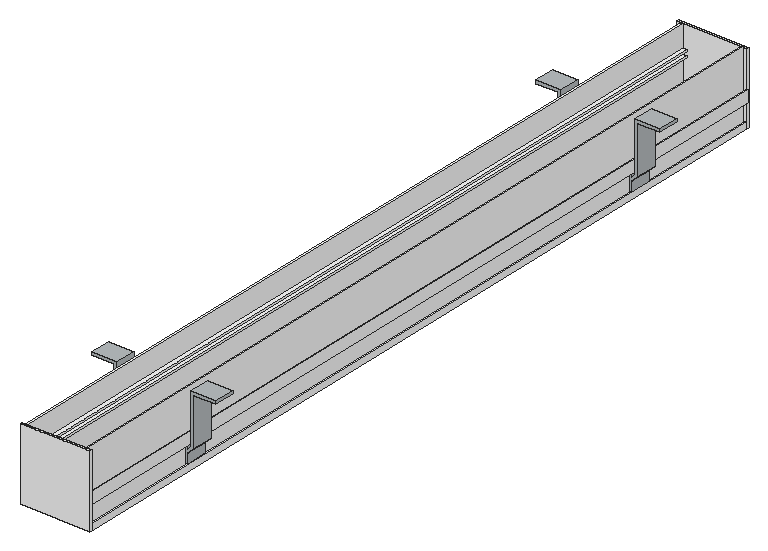
Revit family "NLRS_57_AIR_UN_linear-ceiling-grill-srxrxOx_supply_LT_sacs", category Air Terminals, Revit 2021
Family settings
  Round Connector Dimension = Use Diameter
  Part Type = Normal
  Work Plane-Based = No
  Always vertical = Yes
  Cut with Voids When Loaded = No
  Shared = No
  Room Calculation Point = No
Parameters (values of type "1 slot")
  URL = "https://solid-air.nl/producten/solid-air-plafondroosters-star-stbr/"
  Type Comments = "Grill without plenum"  # constant formula
  Swap_Endcap [instance] = no
  Slots (1-2) [instance] = SACS_Base_Index * SACS_Dummy  # 1
  SACS_Type_Mark [instance] = ""
  SACS_Standard_RAL [instance] = [Color option (0-4)] < 3  # yes
  SACS_Show_Symbol [instance] = yes
  SACS_Option_6 [instance] = if(SACS_Standard_RAL, SACS_Color, if(SACS_Non_Standard_RAL, "Custom RAL color", "Custom not RAL color"))  # "RAL9010-55"
  SACS_Option_5 [instance] = if([Slots (1-2)] < 2, "Single slot", "2 slots")  # "Single slot"
  SACS_Option_4 [instance] = if([Endcaps (0-2)] < 1, "A = None", if([Endcaps (0-2)] = 1, "B = One endcap", "D = Two endcaps"))  # "D = Two endcaps"
  SACS_Option_3_Value [instance] = if(SACS_Index3 = 3 mm, 4, if(SACS_Index3 = 0 mm, 1, 5))  # 1
  SACS_Option_3 [instance] = "O = No plenum"  # constant formula
  SACS_Option_2 [instance] = if([Endcaps (0-2)] < 1, "A = None", if([Endcaps (0-2)] = 1, "B = One endcap", "D = Two endcaps"))  # "D = Two endcaps"
  SACS_Option_1 [instance] = "SROR"  # constant formula
  SACS_Non_Standard_RAL [instance] = [Color option (0-4)] = 3  # no
  SACS_Model [instance] = if(SACS_Existing_Product, size_lookup(SACS_Data_Hidden, "Model", "NB", NLRS_C_lengte, SACS_Index1, SACS_Index2, SACS_Index3), size_lookup(SACS_Data_Hidden, "Model", "NB", 0 mm, SACS_Index1, SACS_Index2, SACS_Index3))  # "SRORDOA 600-1"
  SACS_Index3 [instance] = if([Brackets (0-2)] < 1, 4, if([Brackets (0-2)] = 1, 0, 3)) * 1 mm  # 0 mm
  SACS_Index2 [instance] = if([Endcaps (0-2)] < 1, 0, if([Endcaps (0-2)] > 1, 3, 1)) * 1 mm  # 3 mm
  SACS_Index1 [instance] = if([Slots (1-2)] < 2, 1 mm, 2 mm)  # 1 mm
  SACS_Face_Color [instance] = NLRS_57_ral 9010-55_gen_sacs
  SACS_Existing_Product [instance] = yes
  SACS_Dummy = 1  # constant formula
  SACS_Data_Hidden = "SRORxOx"  # constant formula
  SACS_Custom_Color [instance] = ""
  SACS_Color [instance] = if([Color option (0-4)] < 1, "RAL9010-55", if([Color option (0-4)] = 1, "RAL9016-30", if([Color option (0-4)] = 2, "RAL9016-70", SACS_Custom_Color)))  # "RAL9010-55"
  SACS_Base_Index = 1
  SACS_Article_Code [instance] = if(SACS_Standard_RAL, size_lookup(SACS_Data_Hidden, SACS_Color, "NB", NLRS_C_lengte, SACS_Index1, SACS_Index2, SACS_Index3), "NB")  # "NB"
  SA-Select [instance] = "https://selectietool.solid-air.nl/Dashboard/CPMDashPage/Show/7"
  NLRS_C_model [instance] = SACS_Model  # "SRORDOA 600-1"
  NLRS_C_materiaal_kleur [instance] = SACS_Color  # "RAL9010-55"
  NLRS_C_lengte [instance] = 600 mm
  NLRS_C_gtin_code [instance] = if([Color option (0-4)] = 0, size_lookup(SACS_Data_Hidden, "GTIN9010-55", "NB", NLRS_C_lengte, SACS_Index1, SACS_Index2, SACS_Index3), "NB")  # "NB"
  NLRS_C_description = Description  # "Solid Air Lineair Grill"
  NLRS_C_content_versie = "2.21.01"  # constant formula
  NLRS_C_content_provider = "Solid Air Climate Solutions"  # constant formula
  NLRS_C_content_datum_gewijzigd = "11-03-2024"  # constant formula
  NLRS_C_content_creator = "J.Feeke"  # constant formula
  NLRS_C_breedte [instance] = (52 mm + (SACS_Base_Index - 1) * 43.3 mm) * SACS_Dummy  # 52 mm
  Model = "STxR linear grill, no plenum"  # constant formula
  Min Flow = 0.0 L/s
  Max Flow = 0.0 L/s
  Manufacturer = "Solid Air Climate Solutions"  # constant formula
  Endcaps (0-2) [instance] = 2
  Description = "Solid Air Lineair Grill"  # constant formula
  Default Elevation = 2700 mm
  Color option (0-4) [instance] = 0
  Brackets (0-2) [instance] = 1
  Assembly Code = "57.00"
Types (3, lengths in mm): name | Slots (1-2) | SACS_Option_5 | SACS_Model | SACS_Index1 | SACS_Base_Index | NLRS_C_model | NLRS_C_breedte
  (no name) | 1 | "Single slot" | "SRORDOA 600-1" | 1 | 1 | "SRORDOA 600-1" | 52
  1 slot | 1 | "Single slot" | "SRORDOA 600-1" | 1 | 1 | "SRORDOA 600-1" | 52
  2-slot | 2 | "2 slots" | "SRORDOA 600-2" | 2 | 2 | "SRORDOA 600-2" | 95.3
Reference planes
  plane 1 "Center (Front/Back)": y = 0
  plane 2: z = 0
  plane 3 "Center (Left/Right)": x = 0
  plane 4: y = 300
  plane 5: y = -300
  plane 6: x = -26
  plane 7: x = 26
Lines and regions (mm)
  model lines, visible <- "SACS_Show_Symbol", detail levels coarse
    curve 1: line (-26, 300, 0) -> (26, 300, 0)
    curve 2: line (-26, -300, 0) -> (-26, 300, 0)
    curve 3: line (26, -300, 0) -> (-26, -300, 0)
    curve 4: line (26, 300, 0) -> (26, -300, 0)
    curve 5: line (-26, 300, 0) -> (26, -300, 0)
Dimensions and locks
  equal spacing: plane 5, plane 1 "Center (Front/Back)", plane 4
  "NLRS_C_lengte": plane 5 to plane 4
  equal spacing: plane 6, plane 3 "Center (Left/Right)", plane 7
  "NLRS_C_breedte": plane 6 to plane 7
  locked: plane 6 to nested 2 at 10.625
  locked: nested 2 to plane 4 at 16.25
  aligned and locked: level to plane 2
  aligned and locked: curve 2 to plane 6
  aligned and locked: plane 4 to curve 1
  aligned and locked: curve 3 to plane 5
  aligned and locked: plane 7 to curve 4
Nested families
  nested 1: "SxRxxx" at (0, 0, 0), type "SxRxxx", detail levels medium+fine
    with SACS_Array_End 400 mm, SACS_Array_Count 2, SACS_Array_Base 100 mm, Slots (1-4) 1, Single_Slot no, SACS_Width2 43.3 mm, Endplate_Front yes, Endplate_Back yes, Endcaps (0-3) 2, Default Elevation 2700 mm
  nested 2: "logo_SACS" at (-15.375, 283.75, 1.5) x (0, 1, 0) z (0, 0, 1), type "logo_SACS"
    with t 4 mm
Definition of nested family "SxRxxx"
  Parameters (values of type "SxRxxx")
    dummy = 1  # constant formula
    Swap_Endcap = no
    Slots (1-4) = 2
    Single_Slot = [Slots (1-4)] = 2  # yes
    Safe_count = if([Slots (1-4)] < 3, 2, [Slots (1-4)] - 1)  # 2
    SACS_Width2 = (if([Slots (1-4)] < 2, 1, [Slots (1-4)])) * 43.3 mm  # 86.6 mm
    SACS_Real_Length = (L - 10 mm) * dummy  # 590 mm
    SACS_Array_End [instance] = SACS_Array_Base * SACS_Array_Count * 2  # 400 mm
    SACS_Array_Count [instance] = if(L > 600 mm, if(L - (rounddown(L / 600 mm) * 600 mm) = 0 mm, rounddown(L / 600 mm), rounddown(L / 600 mm) + 1), 2)  # 2
    SACS_Array_Base [instance] = L / (SACS_Array_Count + 1) / 2  # 100 mm
    Multiple_slot = [Slots (1-4)] > 2  # no
    Material = none
    L = 600 mm
    Flat_Front = or(Endplate_Front, [Endcaps (0-3)] = 3)  # yes
    Flat_Back = or(Endplate_Back, [Endcaps (0-3)] = 3)  # yes
    Endplate_Front = or(and([Endcaps (0-3)] > 1, [Endcaps (0-3)] < 3), and([Endcaps (0-3)] = 1, not(Swap_Endcap)))  # no
    Endplate_Back = or(and([Endcaps (0-3)] > 1, [Endcaps (0-3)] < 3), and([Endcaps (0-3)] = 1, Swap_Endcap))  # no
    Endcaps (0-3) = 3
    Description = "ST grill with brackets"  # constant formula
    Default Elevation = 0 mm
    D = 125 mm
    Ceiling = 5 mm
    Brackets (0-4) = 1
  Reference planes
    plane 1 "Center (Front/Back)": y = 0
    plane 2: z = 0
    plane 3 "Center (Left/Right)": x = 0
    plane 4: y = 295
    plane 5: y = -295
    plane 6: y = 296.5
    plane 7: y = -296.5
    plane 8: x = -43.3
    plane 9: x = 43.3
    plane 10: x = 0
    plane 11: x = 43.3
    plane 12: y = 300
    plane 13: y = -300
    plane 14: y = -200
    plane 15: y = 200
    plane 16: x = -46.85
    plane 17: x = 46.85
    plane 18: z = 52
  Forms (mm)
    Sweep 1, solid, material <- "Material", detail levels medium+fine
      path in 3D
        loop
          line (0, 295, 0) -> (0, -295, 0)
      profile "outerprofile : outerprofile" origin (0, 0, 0) x (1, 0, 0) y (0, 0, 1)
        loop
          line (45.85, 4.5) -> (45.85, 1.5) -> (44.05, 1.5) -> (44.05, 20.6) -> (46.6, 20.6) -> (46.6, 17.6) -> (47.6, 17.6) -> (47.6, 25.6) -> (46.6, 25.6) -> (46.6, 22.1) -> (44.05, 22.1) -> (44.05, 52) -> (42.55, 52) -> (42.55, 36.55) -> (39.3, 36.55) -> (39.3, 35.05) -> (42.55, 35.05) -> (42.55, 32.55) -> (39.3, 32.55) -> (39.3, 31.05) -> (42.55, 31.05) -> (42.55, 1.5) -> (31.25, 1.5) -> (31.25, 0) -> (46.85, 0) -> (46.85, 4.5) -> (45.85, 4.5)
        loop
          line (-45.85, 4.5) -> (-46.85, 4.5) -> (-46.85, 0) -> (-31.25, 0) -> (-31.25, 1.5) -> (-42.55, 1.5) -> (-42.55, 31.05) -> (-39.3, 31.05) -> (-39.3, 32.55) -> (-42.55, 32.55) -> (-42.55, 35.05) -> (-39.3, 35.05) -> (-39.3, 36.55) -> (-42.55, 36.55) -> (-42.55, 52) -> (-44.05, 52) -> (-44.05, 22.1) -> (-46.6, 22.1) -> (-46.6, 25.6) -> (-47.6, 25.6) -> (-47.6, 17.6) -> (-46.6, 17.6) -> (-46.6, 20.6) -> (-44.05, 20.6) -> (-44.05, 1.5) -> (-45.85, 1.5) -> (-45.85, 4.5)
    Extrusion 2, solid, material <- "Material", visible <- "Flat_Front", detail levels medium+fine
      sketch origin (0, 0, 0) x (1, 0, 0) y (0, 0, 1)
        loop
          line (-46.85, 52) -> (-46.85, 0) -> (46.85, 0) -> (46.85, 52) -> (-46.85, 52)
      from 295 to 296.5
    Extrusion 3, solid, material <- "Material", visible <- "Flat_Back", detail levels medium+fine
      sketch origin (0, 0, 0) x (1, 0, 0) y (0, 0, 1)
        loop
          line (-46.85, 52) -> (-46.85, 0) -> (46.85, 0) -> (46.85, 52) -> (-46.85, 52)
      from -296.5 to -295
    Extrusion 4, solid, not visible
      sketch origin (-547.644, -297.937, 0) x (1, 0, 0) y (0, 1, 0)
        loop
          arc (546.644, 298.937) -> (545.644, 297.937) -> (546.644, 296.937) r 1
          line (546.644, 296.937) -> (546.644, 297.937) -> (547.644, 296.937) -> (547.644, 297.937) -> (546.644, 298.937)
      from 0 to 2
    Extrusion 5, solid, not visible
      sketch origin (0, 0, 0) x (1, 0, 0) y (0, 1, 0)
        loop
          arc (1, -1) -> (2, 0) -> (1, 1) r 1
          line (1, 1) -> (1, 0) -> (0, 1) -> (0, 0) -> (1, -1)
      from 0 to 2
  Lines and regions (mm)
    model lines, not visible
      curve 1: line (0, 295, 0) -> (0, -295, 0)
    sketch lines
      curve 2: line (0, 295, 0) -> (0, -295, 0)
  Dimensions and locks
    equal spacing: plane 4, plane 1 "Center (Front/Back)", plane 5
    "SACS_Real_Length": plane 4 to plane 5
    locked: plane 6 to plane 4 at 1.5
    locked: plane 7 to plane 5 at 1.5
    equal spacing: plane 9, plane 3 "Center (Left/Right)", plane 8
    "SACS_Width2": plane 9 to plane 8
    locked: plane 10 to plane 8 at 43.3
    locked: plane 11 to plane 10 at 43.3
    group 1 to group 2 = 43.3 mm
    group 1 to group 2 = 0 mm  (x2)
    equal spacing: plane 12, plane 1 "Center (Front/Back)", plane 13
    "L": plane 12 to plane 13
    "SACS_Array_Base": plane 14 to plane 13
    "SACS_Array_End": plane 15 to plane 14
    group 3 to group 4 = 0 mm  (x2)
    group 3 to group 4 = 400 mm
    locked: plane 18 to plane 2 at 52
    locked: plane 17 to plane 9 at 3.55
    locked: plane 8 to plane 16 at 3.55
    plane 17 to plane 16 = 93.7 mm
    aligned and locked: level to plane 2
    aligned and locked: plane 5 to curve 1
    aligned and locked: plane 4 to curve 1
    aligned and locked: plane 1 "Center (Front/Back)" to nested 1
    aligned and locked: plane 3 "Center (Left/Right)" to nested 1
    aligned and locked: plane 1 "Center (Front/Back)" to nested 2
    aligned and locked: plane 10 to nested 2
    aligned and locked: plane 11 to nested 3
    aligned and locked: plane 3 "Center (Left/Right)" to nested 4
    aligned and locked: nested 4 to plane 14
    aligned and locked: nested 5 to plane 15
    aligned and locked: Extrusion 2 sketch curve to plane 18
    aligned and locked: plane 2 to Extrusion 2 sketch curve
    aligned and locked: plane 16 to Extrusion 2 sketch curve
    aligned and locked: Extrusion 2 sketch curve to plane 17
    aligned and locked: Extrusion 2 to plane 7
    aligned and locked: plane 5 to Extrusion 2
    aligned and locked: Extrusion 3 to plane 4
    aligned and locked: plane 6 to Extrusion 3
    aligned and locked: Extrusion 3 to plane 16
    aligned and locked: plane 17 to Extrusion 3
    aligned and locked: plane 18 to Extrusion 3
    aligned and locked: Extrusion 3 to plane 2
  Automatic sketch dimensions
    curve 1 to plane 3 "Center (Left/Right)" = 0 mm
    Extrusion 3 sketch curve to level = 0 mm
    Extrusion 3 sketch curve to plane 18 = 0 mm
    Extrusion 3 sketch curve to plane 16 = 0 mm
    Extrusion 3 sketch curve to Extrusion 3 sketch curve = 93.7 mm
    plane 1 "Center (Front/Back)" to Extrusion 4 sketch curve = 0 mm  (x3)
    Extrusion 4 sketch curve to plane 3 "Center (Left/Right)" = 0 mm
    Extrusion 4 sketch curve to plane 3 "Center (Left/Right)" = 1 mm
    Extrusion 4 sketch curve to Extrusion 4 sketch curve = 1 mm  (x2)
    plane 1 "Center (Front/Back)" to Extrusion 5 sketch curve = 0 mm  (x3)
    Extrusion 5 sketch curve to plane 3 "Center (Left/Right)" = 0 mm
    Extrusion 5 sketch curve to Extrusion 5 sketch curve = 1 mm  (x2)
    Extrusion 5 sketch curve to Extrusion 5 sketch curve = 0 mm
  Nested families
    nested 1: "midprofile" at (0, 0, 0), visible <- "Single_Slot", type "midprofile"
    nested 2: "midprofile" at (0, 0, 0), visible <- "Multiple_slot", type "midprofile", detail levels medium+fine
    nested 3: "midprofile" at (43.3, 0, 0), visible <- "Multiple_slot", type "midprofile", detail levels medium+fine
    nested 4: "bracket" at (0, -200, 0), type "bracket", detail levels medium+fine
      with slots 2, count 1
    nested 5: "bracket" at (0, 200, 0), type "bracket", detail levels medium+fine
      with slots 2, count 1
  Definition of nested family "midprofile"
    Parameters (values of type "midprofile")
      Material = none
      Draw_Length = 590 mm
      Description = "midprofile line diffusers"  # constant formula
      Default Elevation = 0 mm
    Reference planes
      plane 1 "Center (Front/Back)": y = 0
      plane 2: z = 0
      plane 3 "Center (Left/Right)": x = 0
      plane 4: y = 295
      plane 5: y = -295
      plane 6: x = -12
      plane 7: x = 12
      plane 8: x = -0.75
      plane 9: x = 0.75
      plane 10: z = 1.5
      plane 11: z = 30.3
    Forms (mm)
      Extrusion 1, solid, material <- "Material", detail levels medium+fine
        sketch origin (0, 0, 0) x (1, 0, 0) y (0, 0, 1)
          loop
            line (-0.75, 30.3) -> (-0.75, 1.5) -> (-12, 1.5) -> (-12, 0) -> (12, 0) -> (12, 1.5) -> (0.75, 1.5) -> (0.75, 30.3) -> (-0.75, 30.3)
        from -295 to 295
      Extrusion 2, solid, not visible
        sketch origin (-547.644, -297.937, 0) x (1, 0, 0) y (0, 1, 0)
          loop
            arc (545.644, 299.937) -> (543.644, 297.937) -> (545.644, 295.937) r 2
            line (545.644, 295.937) -> (545.644, 297.937) -> (547.644, 295.937) -> (547.644, 297.937) -> (545.644, 299.937)
        from 0 to 2
      Extrusion 3, solid, not visible
        sketch origin (0, 0, 0) x (1, 0, 0) y (0, 1, 0)
          loop
            arc (2, -2) -> (4, 0) -> (2, 2) r 2
            line (2, 2) -> (2, 0) -> (0, 2) -> (0, 0) -> (2, -2)
        from 0 to 2
    Dimensions and locks
      equal spacing: plane 4, plane 1 "Center (Front/Back)", plane 5
      "Draw_Length": plane 4 to plane 5
      locked: plane 10 to plane 2 at 1.5
      equal spacing: plane 9, plane 3 "Center (Left/Right)", plane 8
      locked: plane 9 to plane 8 at 1.5
      equal spacing: plane 7, plane 3 "Center (Left/Right)", plane 6
      locked: plane 7 to plane 6 at 24
      locked: plane 11 to plane 2 at 30.3
      aligned and locked: level to plane 2
      aligned and locked: plane 8 to Extrusion 1 sketch curve
      aligned and locked: Extrusion 1 sketch curve to plane 9
      aligned and locked: Extrusion 1 sketch curve to plane 11
      aligned and locked: Extrusion 1 sketch curve to plane 7
      aligned and locked: plane 6 to Extrusion 1 sketch curve
      aligned and locked: Extrusion 1 sketch curve to plane 10  (x2)
      aligned and locked: plane 2 to Extrusion 1 sketch curve
      aligned and locked: plane 4 to Extrusion 1
      aligned and locked: Extrusion 1 to plane 5
    Automatic sketch dimensions
      Extrusion 2 sketch curve to plane 7 = 14 mm
      Extrusion 2 sketch curve to Extrusion 2 sketch curve = 2 mm  (x3)
      plane 1 "Center (Front/Back)" to Extrusion 2 sketch curve = 2 mm
      Extrusion 2 sketch curve to Extrusion 2 sketch curve = 0 mm  (x2)
      Extrusion 3 sketch curve to plane 7 = 12 mm
      Extrusion 3 sketch curve to Extrusion 3 sketch curve = 2 mm  (x2)
      plane 1 "Center (Front/Back)" to Extrusion 3 sketch curve = 2 mm
      Extrusion 3 sketch curve to Extrusion 3 sketch curve = 0 mm  (x3)
  Definition of nested family "bracket"
    Parameters (values of type "bracket")
      slots = 1
      count = if(slots < 1, 0, (slots - 1)) * Dummy  # 0
      Type_D = Bracket = 4  # no
      Type_CD = or(Type_C, Type_D)  # no
      Type_C = Bracket = 3  # no
      Type_B = Bracket = 2  # no
      Type_A = Bracket = 1  # yes
      Material = none
      Dummy = 1  # constant formula
      Diameter = 125 mm
      Default Elevation = 0 mm
      Ceiling = 5 mm
      Bracket = 1
    Reference planes
      plane 1 "Center (Front/Back)": y = 0
      plane 2: z = 0
      plane 3 "Center (Left/Right)": x = 0
      plane 4: y = 7.5
      plane 5: y = -7.5
    Forms (mm)
      Sweep 1, solid, material <- "Material", visible <- "Type_A", detail levels medium+fine
        path in 3D
          loop
            line (0, 7.5, 32.8) -> (0, -7.5, 32.8)
        profile "Profile_A : Profile_A" origin (0, 0, 32.8) x (0, 0, -1) y (1, 0, 0)
          loop
            line (-17.25, 44.75) -> (-19.25, 44.75) -> (-19.25, 26.85) -> (16.42, 26.85) -> (18.67, 24.6) -> (12.3, 24.6) -> (12.3, 22.6) -> (28.25, 22.6) -> (28.25, 24.6) -> (21.5, 24.6) -> (17.25, 28.85) -> (-17.25, 28.85) -> (-17.25, 44.75)
          loop
            line (-17.25, -44.75) -> (-17.25, -28.85) -> (17.25, -28.85) -> (21.5, -24.6) -> (28.25, -24.6) -> (28.25, -22.6) -> (12.3, -22.6) -> (12.3, -24.6) -> (18.67, -24.6) -> (16.42, -26.85) -> (-19.25, -26.85) -> (-19.25, -44.75) -> (-17.25, -44.75)
      Sweep 2, solid, material <- "Material", visible <- "Type_B", detail levels medium+fine
        path in 3D
          loop
            line (0, 7.5, 32.8) -> (0, -7.5, 32.8)
        profile "Profile_B : Profile_B" origin (0, 0, 32.8) x (0, 0, -1) y (1, 0, 0)
          loop
            line (-216.75, 56.4) -> (-216.75, 24.4) -> (-184.75, 24.4) -> (-184.75, 26.4) -> (-214.75, 26.4) -> (-214.75, 56.4) -> (-216.75, 56.4)
          loop
            line (-216.75, -56.4) -> (-214.75, -56.4) -> (-214.75, -26.4) -> (-184.75, -26.4) -> (-184.75, -24.4) -> (-216.75, -24.4) -> (-216.75, -56.4)
      Sweep 3, solid, material <- "Material", visible <- "Type_CD", detail levels medium+fine
        path in 3D
          loop
            line (0, 7.5, 32.8) -> (0, -7.5, 32.8)
        profile "Profile_CD : Profile_CD" origin (0, 0, 32.8) x (0, 0, -1) y (1, 0, 0)
          loop
            line (-40.7, 25) -> (-40.7, -25) -> (18.3, -30.5) -> (18.3, -28.5) -> (-38.7, -23.55) -> (-38.7, 23.55) -> (18.3, 28.5) -> (18.3, 30.5) -> (-40.7, 25)
          loop
            arc (-25, -8.5) -> (-24.298, -10.428) -> (-22.521, -11.454) r 3
            line (-22.521, -11.454) -> (-2.826, -14.925)
            arc (-2.826, -14.925) -> (-2.234, -15.267) -> (-2, -15.91) r 1
            line (-2, -15.91) -> (-2, -20.5) -> (0, -20.5) -> (0, -15.91)
            arc (0, -15.91) -> (-0.702, -13.982) -> (-2.479, -12.956) r 3
            line (-2.479, -12.956) -> (-22.174, -9.485)
            arc (-22.174, -9.485) -> (-22.766, -9.143) -> (-23, -8.5) r 1
            line (-23, -8.5) -> (-23, 8.5)
            arc (-23, 8.5) -> (-22.766, 9.143) -> (-22.174, 9.485) r 1
            line (-22.174, 9.485) -> (-2.479, 12.956)
            arc (-2.479, 12.956) -> (-0.702, 13.982) -> (0, 15.91) r 3
            line (0, 15.91) -> (0, 20.5) -> (-2, 20.5) -> (-2, 15.91)
            arc (-2, 15.91) -> (-2.234, 15.267) -> (-2.826, 14.925) r 1
            line (-2.826, 14.925) -> (-22.521, 11.454)
            arc (-22.521, 11.454) -> (-24.298, 10.428) -> (-25, 8.5) r 3
            line (-25, 8.5) -> (-25, -8.5)
      Extrusion 4, solid, not visible
        sketch origin (-547.644, -297.937, 0) x (1, 0, 0) y (0, 1, 0)
          loop
            arc (545.644, 299.937) -> (543.644, 297.937) -> (545.644, 295.937) r 2
            line (545.644, 295.937) -> (545.644, 297.937) -> (547.644, 295.937) -> (547.644, 297.937) -> (545.644, 299.937)
        from 0 to 2
      Extrusion 5, solid, not visible
        sketch origin (0, 0, 0) x (1, 0, 0) y (0, 1, 0)
          loop
            arc (2, -2) -> (4, 0) -> (2, 2) r 2
            line (2, 2) -> (2, 0) -> (0, 2) -> (0, 0) -> (2, -2)
        from 0 to 2
    Lines and regions (mm)
      model lines, not visible
        curve 1: line (0, 7.5, 32.8) -> (0, -7.5, 32.8)
      sketch lines
        curve 2: line (0, 7.5, 32.8) -> (0, -7.5, 32.8)
        curve 3: line (0, 7.5, 32.8) -> (0, -7.5, 32.8)
        curve 4: line (0, 7.5, 32.8) -> (0, -7.5, 32.8)
    Dimensions and locks
      equal spacing: plane 5, plane 1 "Center (Front/Back)", plane 4
      locked: plane 4 to plane 5 at 15
      locked: plane 2 to curve 1 at 32.8
      aligned and locked: level to plane 2
      aligned and locked: plane 5 to curve 1
      aligned and locked: plane 4 to curve 1
    Automatic sketch dimensions
      plane 1 "Center (Front/Back)" to Extrusion 4 sketch curve = 0 mm  (x3)
      Extrusion 4 sketch curve to plane 3 "Center (Left/Right)" = 0 mm
      Extrusion 4 sketch curve to plane 3 "Center (Left/Right)" = 2 mm
      Extrusion 4 sketch curve to Extrusion 4 sketch curve = 2 mm  (x2)
      plane 1 "Center (Front/Back)" to Extrusion 5 sketch curve = 0 mm  (x3)
      Extrusion 5 sketch curve to plane 3 "Center (Left/Right)" = 0 mm
      Extrusion 5 sketch curve to Extrusion 5 sketch curve = 2 mm  (x2)
      Extrusion 5 sketch curve to Extrusion 5 sketch curve = 0 mm
Definition of nested family "logo_SACS"
  Parameters (values of type "logo_SACS")
    t = 2 mm
    Model = "LOD 400"
    Description = "Model type"
    Default Elevation = 1219.2 mm
  Reference planes
    plane 1 "Center (Front/Back)": y = 0
    plane 2: z = 0
    plane 3 "Center (Left/Right)": x = 0
    plane 4: z = 2
    plane 5: x = -4
    plane 6: y = -2
    plane 7: y = 2
    plane 8: x = -2
    plane 9: x = 2
    plane 10: x = 4
  Forms (mm)
    Extrusion 1, solid
      sketch origin (-547.644, -297.937, 0) x (1, 0, 0) y (0, 1, 0)
        loop
          arc (545.644, 299.937) -> (543.644, 297.937) -> (545.644, 295.937) r 2
          line (545.644, 295.937) -> (545.644, 297.937) -> (547.644, 295.937) -> (547.644, 297.937) -> (545.644, 299.937)
      from 0 to 2
    Extrusion 2, solid
      sketch origin (0, 0, 0) x (1, 0, 0) y (0, 1, 0)
        loop
          arc (2, -2) -> (4, 0) -> (2, 2) r 2
          line (2, 2) -> (2, 0) -> (0, 2) -> (0, 0) -> (2, -2)
      from 0 to 2
  Dimensions and locks
    "t": plane 7 to plane 1 "Center (Front/Back)"
    "t": plane 6 to plane 1 "Center (Front/Back)"
    "t": plane 5 to plane 8
    "t": plane 8 to plane 3 "Center (Left/Right)"
    "t": plane 3 "Center (Left/Right)" to plane 9
    "t": plane 9 to plane 10
    aligned and locked: level to plane 2
    aligned and locked: plane 4 to Extrusion 1
  Automatic sketch dimensions
    plane 1 "Center (Front/Back)" to Extrusion 1 sketch curve = 0 mm  (x3)
    Extrusion 1 sketch curve to plane 8 = 0 mm
    Extrusion 1 sketch curve to plane 7 = 0 mm
    Extrusion 1 sketch curve to plane 3 "Center (Left/Right)" = 0 mm
    Extrusion 1 sketch curve to plane 6 = 0 mm
    Extrusion 2 sketch curve to plane 3 "Center (Left/Right)" = 0 mm
    plane 1 "Center (Front/Back)" to Extrusion 2 sketch curve = 0 mm  (x3)
    Extrusion 2 sketch curve to plane 6 = 0 mm
    Extrusion 2 sketch curve to plane 9 = 0 mm
    Extrusion 2 sketch curve to plane 7 = 0 mm
